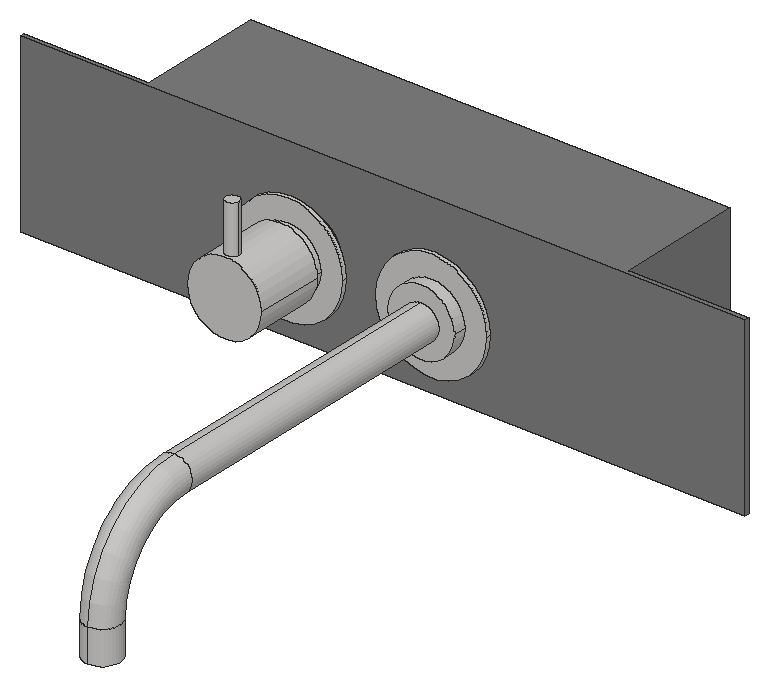
Revit family "921", category Plumbing Fixtures, Revit 2021
Family settings
  Round Connector Dimension = Use Diameter
  Part Type = Normal
  Work Plane-Based = No
  Always vertical = Yes
  Cut with Voids When Loaded = No
  Shared = No
  Room Calculation Point = No
Parameters
  e-mail = "info@vola.com"
  URL = "http://vola.com"
  Telephone = "+45 7023 5500"
  Quality management standard = "ISO 9001"
  Organisation no. / DUNS no. = "17531328"
  Occupational health and safety management standard = "ISO 18001"
  Mounting Instructions = "http://vola.com/service/producturl.ashx?name=921"
  Model = "921"
  Mixer Offset [instance] = 12.00 mm
  Mixer = yes
  Materials and components information = "http://vola.com/service/producturl.ashx?name=921"
  Manufacturer = "VOLA A/S"
  Maintenance Instructions = "http://vola.com/service/producturl.ashx?name=921"
  Guarantee = "2 years"
  Flow = "5,00 l/min"
  Environmental management standard = "ISO 14000"
  Default Elevation = 0.00 mm
  Connection - All relevant connections = "½\" for water connection"
  Approvals = "http://vola.com/service/producturl.ashx?name=921"
Reference planes
  plane 1 "Center (Front/Back)": y = 0
  plane 2: z = 0
  plane 3 "Center (Left/Right)": x = 0
  plane 4 "Mixer plane": y = 12
  plane 5 "Wall Surface": y = 0
Forms (mm)
  Extrusion 1, solid, material "Stainless Steel", visible <- "Mixer"
    sketch origin (-39, 12, -609.6) x (0, 0, -1) y (-1, 0, 0)
      loop
        circle (-609.6, 39) r 18
    from 0 to -12
  Extrusion 2, solid, material "Stainless Steel", visible <- "Mixer"
    sketch origin (-39, 12, -609.6) x (0, 0, -1) y (-1, 0, 0)
      loop
        circle (-609.6, -39) r 17
    from 0 to -12
Dimensions and locks
  "Mixer Offset": plane 4 "Mixer plane" to plane 1 "Center (Front/Back)"
  aligned and locked: plane 2 to level
  aligned and locked: nested 1 to plane 4 "Mixer plane"
  aligned and locked: plane 1 "Center (Front/Back)" to Extrusion 1
  aligned and locked: plane 1 "Center (Front/Back)" to Extrusion 2
Automatic sketch dimensions
  Extrusion 1 sketch curve to level = 0.00 mm
  Extrusion 1 sketch curve to plane 3 "Center (Left/Right)" = 78.00 mm
  Extrusion 2 sketch curve to level = 0.00 mm
  plane 3 "Center (Left/Right)" to Extrusion 2 sketch curve = 0.00 mm
  radius of Extrusion 1 sketch curve = 18.00 mm
  radius of Extrusion 2 sketch curve = 17.00 mm
Nested families
  nested 1: "900" at (-39, 83.5, -55), visible <- "Mixer", type "900"
  nested 2: "NR17" at (-78, -2, 0), type "NR17"
  nested 3: "020" at (0, -2, 0), type "020"
  nested 4: "001" at (0, 0, 0) x (1, 0, 0) z (0, -1, 0), type "001"
  nested 5: "001" at (-78, 0, 0) x (1, 0, 0) z (0, -1, 0), type "001"
Connectors
  piping at (-78, 60, -55), diameter 28
    settings: on nested 1, index 1, connector inside diameter 1.10236", connector length 0.00 mm, flow factor 0, pipe flow 0 GPM, pressure drop 0.00 psi, fitting loss kfactor 0, connector angle 0.00°, fixture units 0, engagement length 0.00 mm, angle of deflection 0.00°, flow configuration 0, flow direction 1, fitting loss method 0, system type 20, joint type 0, gender type 0, connector reference index -1, connector utility 0, adjustable connector no, is connector primary yes, connector description ""
Definition of nested family "900"
  Parameters
    e-mail = "info@vola.com"
    URL = "http://vola.com"
    Telephone = "+45 7023 5500"
    Quality management standard = "ISO 9001"
    Organisation no. / DUNS no. = "17531328"
    Occupational health and safety management standard = "ISO 18001"
    Mounting Instructions = "http://vola.com/service/producturl.ashx?name=900"
    Model = "900"
    Materials and components information = "http://vola.com/service/producturl.ashx?name=900"
    Manufacturer = "VOLA A/S"
    Maintenance Instructions = "http://vola.com/service/producturl.ashx?name=900"
    Guarantee = "2 years"
    Flow = "30,00 l/min"
    Environmental management standard = "ISO 14000"
    Default Elevation = 0.00 mm
    Connection - All relevant connections = ""
    Approvals = "http://vola.com/service/producturl.ashx?name=900"
  Reference planes
    plane 1 "Center (Front/Back)": y = 0
    plane 2: z = 0
    plane 3 "Center (Left/Right)": x = 0
    plane 4 "Inlet Center Plane": y = -23.5
    plane 5: z = 55
  Forms (mm)
    Extrusion 1, solid
      sketch origin (-27, 1.5, 7.5) x (0, 1, 0) y (1, 0, 0)
        loop
          circle (-25, -12) r 14
      from 0 to 7.5
    Extrusion 2, solid
      sketch origin (10, 0, -14) x (1, 0, 0) y (0, 1, 0)
        loop
          line (-137.5, 0) -> (-137.5, -69) -> (122.5, -69) -> (122.5, 0) -> (-137.5, 0)
      from 21.5 to 116.5
    Extrusion 3, solid
      sketch origin (10, -1, -14) x (1, 0, 0) y (0, 1, 0)
        loop
          line (-205, -68) -> (-205, -70.5) -> (187.5, -70.5) -> (187.5, -68) -> (-205, -68)
      from 21.5 to 116.5
  Cuts and joins
    joined: Extrusion 2, Extrusion 3
  Lines and regions (mm)
    reference lines
      curve 1: line (-39, -23.5, 55) -> (-39, -108.5, 55)
      curve 2: line (39, -23.5, 55) -> (39, -108.5, 55)
      curve 3: line (-39, -23.5, 55) -> (-39, -23.5, -44)
  Dimensions and locks
    aligned and locked: plane 2 to level
    aligned and locked: plane 5 to curve 3
    aligned and locked: Extrusion 2 to Extrusion 3
    aligned and locked: Extrusion 3 to Extrusion 2
Definition of nested family "NR17"
  Parameters
    e-mail = "info@vola.com"
    URL = "http://vola.com"
    Telephone = "+45 7023 5500"
    Quality management standard = "ISO 9001"
    Organisation no. / DUNS no. = "17531328"
    Occupational health and safety management standard = "ISO 18001"
    Mounting Instructions = "http://vola.com/service/producturl.ashx?name=NR17"
    Model = "NR17"
    Materials and components information = "http://vola.com/service/producturl.ashx?name=NR17"
    Manufacturer = "VOLA A/S"
    Maintenance Instructions = "http://vola.com/service/producturl.ashx?name=NR17"
    Guarantee = "2 years"
    Environmental management standard = "ISO 14000"
    Default Elevation = 0.00 mm
    Connection - All relevant connections = ""
    Approvals = "http://vola.com/service/producturl.ashx?name=NR17"
  Reference planes
    plane 1 "Center (Front/Back)": y = 0
    plane 2: z = 0
    plane 3 "Center (Left/Right)": x = 0
  Forms (mm)
    Extrusion 1, solid
      sketch origin (0, 0, 0) x (1, 0, 0) y (0, 0, 1)
        loop
          circle (0, 0) r 20
      from 5 to 42.5
    Extrusion 2, solid
      sketch origin (0, -2.75, 0) x (0, -1, 0) y (1, 0, 0)
        loop
          circle (34.5, 0) r 3.5
      from 19 to 45.5
    Extrusion 3, solid
      sketch origin (0, 0, 0) x (1, 0, 0) y (0, 0, 1)
        loop
          circle (0, 0) r 18
      from 0 to 5
  Cuts and joins
    joined: Extrusion 1, Extrusion 2
  Dimensions and locks
    aligned and locked: plane 2 to level
Definition of nested family "020"
  Parameters
    e-mail = "info@vola.com"
    URL = "http://vola.com"
    Telephone = "+45 7023 5500"
    Quality management standard = "ISO 9001"
    Organisation no. / DUNS no. = "17531328"
    Occupational health and safety management standard = "ISO 18001"
    Mounting Instructions = "http://vola.com/service/producturl.ashx?name=020"
    Model = "020"
    Materials and components information = "http://vola.com/service/producturl.ashx?name=020"
    Manufacturer = "VOLA A/S"
    Maintenance Instructions = "http://vola.com/service/producturl.ashx?name=020"
    Guarantee = "2 years"
    Environmental management standard = "ISO 14000"
    Default Elevation = 0.00 mm
    Connection - All relevant connections = ""
    Approvals = "http://vola.com/service/producturl.ashx?name=020"
  Reference planes
    plane 1 "Center (Front/Back)": y = 0
    plane 2: z = 0
    plane 3 "Center (Left/Right)": x = 0
  Forms (mm)
    Extrusion 1, solid
      sketch origin (0, 0, 0) x (1, 0, 0) y (0, 0, 1)
        loop
          circle (0, 0) r 18
      from 0 to 7
    Sweep 2, solid
      path origin (0, 0, 0) x (0, 1, 0) y (0, 0, 1)
        loop
          line (-7, 0) -> (-174, 0)
          arc (-174, 0) -> (-208.648, -14.352) -> (-223, -49) r 49
      profile origin (0, -208.648, -14.352) x (0, 0.707107, -0.707107) y (1, 0, 0)
        loop
          circle (0, 0) r 9.5
    Extrusion 3, solid
      sketch origin (0, -223, -49) x (0, -1, 0) y (-1, 0, 0)
        loop
          circle (0, 0) r 9.5
      from 0 to 18
  Dimensions and locks
    Sweep 2 sketch curve to plane 1 "Center (Front/Back)" = 223.00 mm
    aligned and locked: plane 2 to level
Definition of nested family "001"
  Parameters
    e-mail = "info@vola.com"
    URL = "http://vola.com"
    Telephone = "+45 7023 5500"
    Quality management standard = "ISO 9001"
    Organisation no. / DUNS no. = "17531328"
    Occupational health and safety management standard = "ISO 18001"
    Mounting Instructions = "http://vola.com/service/producturl.ashx?name=001"
    Model = "001"
    Materials and components information = "http://vola.com/service/producturl.ashx?name=001"
    Manufacturer = "VOLA A/S"
    Maintenance Instructions = "http://vola.com/service/producturl.ashx?name=001"
    Guarantee = "2 years"
    Environmental management standard = "ISO 14000"
    Default Elevation = 1219.20 mm
    Connection - All relevant connections = ""
    Approvals = "http://vola.com/service/producturl.ashx?name=001"
  Reference planes
    plane 1 "Center (Front/Back)": y = 0
    plane 2: z = 0
    plane 3 "Center (Left/Right)": x = 0
  Forms (mm)
    Extrusion 1, solid
      sketch origin (0, 0, 0) x (1, 0, 0) y (0, 1, 0)
        loop
          circle (0, 0) r 16.5
        loop
          circle (0, 0) r 30
      from 0 to 2
  Dimensions and locks
    aligned and locked: plane 2 to level
